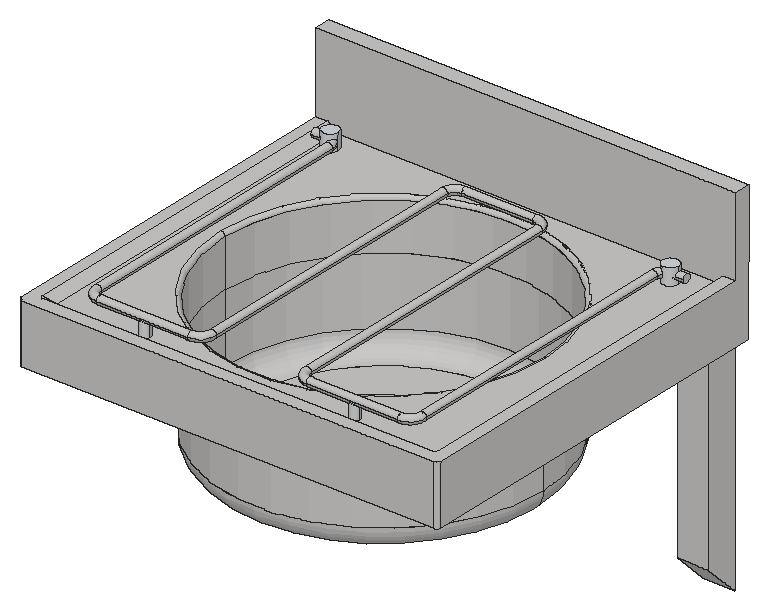
Revit family
Parameters (values of type "530 X 490 X 290")
  Waste Connection = 1 = 1  # yes
  Vent Connection = 1 = 0  # no
  Splashback Height = 100 mm
  HW Connection = 1 = 0  # no
  Finished Floor Height = 600 mm
  Waste Connection Radius = Waste Connection Diameter / 2  # 45 mm
  Waste Connection Diameter = 90 mm
  WFU = 0
  URL = "http://www.autospec.co.za/browse.php?id=1644179282"
  Product Code = "None"
  OmniClass Title = ""
  OmniClass Number = ""
  Modspec Classification = ""
  Specification = ""
  Location (revit room) = ""
  Material = Stainless Steel Grade 304
  Description = ""
  Width = 490 mm
  Model = "Drip Sink-KDSG"
  Manufacturer = "Kwikot"  # constant formula
  Length = 530 mm
  Depth = 290 mm
  Default Elevation = 0 mm
  Colour = none
  CWFU = 0
  CW Connection = 1 = 0  # no
  Bowl Radius = Bowl Diameter / 2  # 200 mm
  Bowl Diameter = 400 mm
  Body Finish = none
  Assembly Code = "D2010440"
Reference planes
  plane 1 "Center (Front/Back)": y = 0
  plane 2 "Floor Level": z = 0
  plane 3 "Center (Left/Right)": x = 0
  plane 4 "Left": x = -265
  plane 5 "Right": x = 265
  plane 6 "Front": y = -490
  plane 7 "Bottom": z = 235
  plane 8 "Bed": z = 600
  plane 9: y = -245
  plane 10: z = 410
  plane 11: z = 700
  plane 12: z = 525
  plane 13: z = 400
Forms (mm)
  Blend 1, solid, material "Stainless Steel Grade 304" <- "Material"
    base sketch origin (-1108.106, -1524, 600) x (-1, 0, 0) y (0, -1, 0)
      loop
        line (-848.106, -1034) -> (-1368.106, -1034)
        arc (-1368.106, -1034) -> (-1371.641, -1035.464) -> (-1373.106, -1039) r 5
        line (-1373.106, -1039) -> (-1373.106, -1524) -> (-843.106, -1524) -> (-843.106, -1039)
        arc (-843.106, -1039) -> (-844.57, -1035.464) -> (-848.106, -1034) r 5
    top sketch origin (-1108.106, -1524, 600) x (-1, 0, 0) y (0, -1, 0)
      loop
        line (-1373.106, -1524) -> (-843.106, -1524) -> (-843.106, -1039)
        arc (-843.106, -1039) -> (-844.57, -1035.464) -> (-848.106, -1034) r 5
        line (-848.106, -1034) -> (-1368.106, -1034)
        arc (-1368.106, -1034) -> (-1371.641, -1035.464) -> (-1373.106, -1039) r 5
        line (-1373.106, -1039) -> (-1373.106, -1524)
    from 0 to -75
  Extrusion 2, solid, material "Stainless Steel Grade 304"
    sketch origin (-265, -491, 4000) x (0, -1, 0) y (0, 0, 1)
      loop
        line (-491, -3475) -> (-491, -3765) -> (-451, -3725) -> (-451, -3475) -> (-491, -3475)
    from -17.5 to -57.5
  Extrusion 3, solid, material "Stainless Steel Grade 304"
    sketch origin (265, -491, 4000) x (0, -1, 0) y (0, 0, 1)
      loop
        line (-451, -3475) -> (-491, -3475) -> (-491, -3765) -> (-451, -3725) -> (-451, -3475)
    from 17.5 to 57.5
  Revolve 4, void
    sketch origin (1571.252, -245, 4000) x (1, 0, 0) y (0, 0, 1)
      loop
        line (-1571.252, -3400) -> (-1571.252, -3590) -> (-1371.252, -3590) -> (-1371.252, -3400) -> (-1571.252, -3400)
      axis (-1571.252, -3590) -> (-1571.252, -3400)
    angle from 0 to 360
  Extrusion 5, solid
    sketch origin (-1108.106, -1524, 600) x (-1, 0, 0) y (0, -1, 0)
      loop
        circle (-893.106, -1464) r 10
      loop
        circle (-1323.106, -1464) r 10
    from -10 to 20
  Sweep 6, solid, material "Stainless Steel Grade 304" <- "Material"
    path origin (-1108.106, -1524, 600) x (-1, 0, 0) y (0, -1, 0)
      loop
        line (-873.106, -1464) -> (-888.106, -1464)
        arc (-888.106, -1464) -> (-898.712, -1459.607) -> (-903.106, -1449) r 15
        line (-903.106, -1449) -> (-903.106, -1083.951)
        arc (-903.106, -1083.951) -> (-907.499, -1073.344) -> (-918.106, -1068.951) r 15
        line (-918.106, -1068.951) -> (-1033.219, -1068.951)
        arc (-1033.219, -1068.951) -> (-1043.826, -1073.344) -> (-1048.219, -1083.951) r 15
        line (-1048.219, -1083.951) -> (-1048.219, -1449.045)
        arc (-1048.219, -1449.045) -> (-1052.599, -1459.62) -> (-1063.174, -1464) r 14.955
        line (-1063.174, -1464) -> (-1153.038, -1464)
        arc (-1153.038, -1464) -> (-1163.612, -1459.62) -> (-1167.992, -1449.045) r 14.955
        line (-1167.992, -1449.045) -> (-1167.992, -1083.951)
        arc (-1167.992, -1083.951) -> (-1172.386, -1073.344) -> (-1182.992, -1068.951) r 15
        line (-1182.992, -1068.951) -> (-1298.236, -1068.951)
        arc (-1298.236, -1068.951) -> (-1308.842, -1073.344) -> (-1313.236, -1083.951) r 15
        line (-1313.236, -1083.951) -> (-1313.236, -1449)
        arc (-1313.236, -1449) -> (-1317.629, -1459.607) -> (-1328.236, -1464) r 15
        line (-1328.236, -1464) -> (-1343.106, -1464)
    profile origin (-205, -257.525, 600) x (1, 0, 0) y (0, 0, 1)
      loop
        circle (0, 10) r 5
  Extrusion 7, solid, material "Stainless Steel Grade 304" <- "Material"
    sketch origin (-505.915, -1524, 525) x (-1, 0, 0) y (0, -1, 0)
      loop
        line (-240.915, -1524) -> (-240.915, -1504) -> (-770.915, -1504) -> (-770.915, -1524) -> (-240.915, -1524)
    from 0 to 175
  Blend 8, void
    base sketch origin (-1108.106, -1524, 600) x (0, -1, 0) y (1, 0, 0)
      loop
        line (-1504, 858.106) -> (-1054, 858.106)
        arc (-1054, 858.106) -> (-1050.464, 859.57) -> (-1049, 863.106) r 5
        line (-1049, 863.106) -> (-1049, 1353.106)
        arc (-1049, 1353.106) -> (-1050.464, 1356.641) -> (-1054, 1358.106) r 5
        line (-1054, 1358.106) -> (-1504, 1358.106) -> (-1504, 858.106)
    top sketch origin (-1108.106, -1524, 600) x (0, -1, 0) y (1, 0, 0)
      loop
        line (-1504, 868.106) -> (-1064, 868.106)
        arc (-1064, 868.106) -> (-1060.464, 869.57) -> (-1059, 873.106) r 5
        line (-1059, 873.106) -> (-1059, 1343.106)
        arc (-1059, 1343.106) -> (-1060.464, 1346.641) -> (-1064, 1348.106) r 5
        line (-1064, 1348.106) -> (-1504, 1348.106) -> (-1504, 868.106)
    from 0 to -10
  Sweep 9, solid, material "Stainless Steel Grade 304" <- "Material"
    path origin (-505.915, -1524, 525) x (-1, 0, 0) y (0, -1, 0)
      loop
        circle (-505.915, -1279) r 200
    profile origin (0, -45, 525) x (0, -1, 0) y (0, 0, 1)
      loop
        line (0, 0) -> (-3, 0) -> (-3, -85)
        arc (-3, -85) -> (5.787, -106.213) -> (27, -115) r 30
        line (27, -115) -> (27, -112)
        arc (27, -112) -> (7.908, -104.092) -> (0, -85) r 27
        line (0, -85) -> (0, 0)
  Extrusion 10, solid, material "Stainless Steel Grade 304" <- "Material"
    sketch origin (-1279.787, -1524, 410) x (-1, 0, 0) y (0, -1, 0)
      loop
        circle (-1279.787, -1279) r 173
      loop
        circle (-1279.787, -1279) r 45
    from 0 to 3
  Extrusion 11, solid, material "Stainless Steel Grade 304" <- "Material"
    sketch origin (-1279.787, -1524, 410) x (-1, 0, 0) y (0, -1, 0)
      loop
        circle (-1279.787, -1279) r 45
      loop
        circle (-1279.787, -1279) r 48
    from 0 to -10
  Extrusion 12, solid
    sketch origin (-1108.106, -1524, 600) x (-1, 0, 0) y (0, -1, 0)
      loop
        circle (-975.606, -1069) r 6
      loop
        circle (-1240.606, -1069) r 6
    from -10 to 10
  Sweep 13, void
    path origin (-1108.106, -1524, 600) x (-1, 0, 0) y (0, -1, 0)
      loop
        circle (-1108.106, -1279) r 200
    profile origin (0, -45, 600) x (0, -1, 0) y (0, 0, 1)
      loop
        line (0, -10) -> (-5, -10)
        arc (-5, -10) -> (-1.464, -11.464) -> (0, -15) r 5
        line (0, -15) -> (0, -10)
Cuts and joins
  Revolve 4, Blend 8, Sweep 13 cuts Blend 1
  Blend 8, Sweep 13 cuts Extrusion 7
  Sweep 13 cuts Sweep 9
  Sweep 13 cuts Extrusion 10
  Sweep 13 cuts Extrusion 11
  joined: Blend 1, Extrusion 7, Sweep 9, Extrusion 10, Extrusion 11
  Blend 8 cuts Extrusion 5
Lines and regions (mm)
  symbolic lines
    curve 1: line (-260, -490, 600) -> (260, -490, 600)
    curve 2: arc (-260, -490, 600) -> (-263.536, -488.536, 600) -> (-265, -485, 600) r 5
    curve 3: arc (265, -485, 600) -> (263.536, -488.536, 600) -> (260, -490, 600) r 5
    curve 4: line (265, -485, 600) -> (265, 0, 600)
    curve 5: line (-265, 0, 600) -> (-265, -485, 600)
    curve 6: line (265, 0, 600) -> (-265, 0, 600)
    curve 7: arc (-225, -60, 600) -> (-215, -70, 600) -> (-205, -60, 600) r 10
    curve 8: arc (-205, -60, 600) -> (-215, -50, 600) -> (-225, -60, 600) r 10
    curve 9: arc (205, -60, 600) -> (215, -70, 600) -> (225, -60, 600) r 10
    curve 10: arc (225, -60, 600) -> (215, -50, 600) -> (205, -60, 600) r 10
    curve 11: line (-265, -20, 600) -> (265, -20, 600)
    curve 12: line (-250, -470, 600) -> (-250, -20, 600)
    curve 13: arc (-245, -475, 600) -> (-248.536, -473.536, 600) -> (-250, -470, 600) r 5
    curve 14: line (245, -475, 600) -> (-245, -475, 600)
    curve 15: line (-240, -20, 600) -> (-240, -460, 600)
    curve 16: arc (-240, -460, 600) -> (-238.536, -463.536, 600) -> (-235, -465, 600) r 5
    curve 17: line (-235, -465, 600) -> (235, -465, 600)
    curve 18: arc (235, -465, 600) -> (238.536, -463.536, 600) -> (240, -460, 600) r 5
    curve 19: line (240, -460, 600) -> (240, -20, 600)
    curve 20: arc (250, -470, 600) -> (248.536, -473.536, 600) -> (245, -475, 600) r 5
    curve 21: line (250, -20, 600) -> (250, -470, 600)
    curve 22: arc (126.5, -455, 600) -> (132.5, -461, 600) -> (138.5, -455, 600) r 6
    curve 23: arc (138.5, -455, 600) -> (132.5, -449, 600) -> (126.5, -455, 600) r 6
    curve 26: arc (200, -245, 600) -> (0, -45, 600) -> (-200, -245, 600) r 200
    curve 27: arc (-200, -245, 600) -> (0, -445, 600) -> (200, -245, 600) r 200
    curve 28: line (235, -65, 600) -> (235, -55, 600)
    curve 29: line (-235, -65, 600) -> (-235, -55, 600)
    curve 30: line (235, -55, 600) -> (220, -55, 600)
    curve 31: line (200, -75, 600) -> (200, -440, 600)
    curve 32: line (190, -450, 600) -> (75, -450, 600)
    curve 33: line (65, -440, 600) -> (65, -75, 600)
    curve 34: line (45, -55, 600) -> (-45, -55, 600)
    curve 35: line (-65, -75, 600) -> (-65, -440, 600)
    curve 36: line (-200, -440, 600) -> (-200, -75, 600)
    curve 37: line (-220, -55, 600) -> (-235, -55, 600)
    curve 38: line (235, -65, 600) -> (220, -65, 600)
    curve 39: line (210, -75, 600) -> (210, -440, 600)
    curve 40: line (190, -460, 600) -> (75, -460, 600)
    curve 41: line (55, -440, 600) -> (55, -75, 600)
    curve 42: line (45, -65, 600) -> (-45, -65, 600)
    curve 43: line (-55, -75, 600) -> (-55, -440, 600)
    curve 44: line (-210, -440, 600) -> (-210, -75, 600)
    curve 45: line (-220, -65, 600) -> (-235, -65, 600)
    curve 46: arc (-200, -75, 600) -> (-205.858, -60.858, 600) -> (-220, -55, 600) r 20
    curve 47: arc (-65, -75, 600) -> (-59.142, -60.858, 600) -> (-45, -55, 600) r 20
    curve 48: arc (65, -75, 600) -> (59.142, -60.858, 600) -> (45, -55, 600) r 20
    curve 49: arc (200, -75, 600) -> (205.858, -60.858, 600) -> (220, -55, 600) r 20
    curve 50: arc (190, -460, 600) -> (204.142, -454.142, 600) -> (210, -440, 600) r 20
    curve 51: arc (75, -460, 600) -> (60.858, -454.142, 600) -> (55, -440, 600) r 20
    curve 52: arc (75, -450, 600) -> (67.929, -447.071, 600) -> (65, -440, 600) r 10
    curve 53: arc (190, -450, 600) -> (197.071, -447.071, 600) -> (200, -440, 600) r 10
    curve 54: arc (210, -75, 600) -> (212.929, -67.929, 600) -> (220, -65, 600) r 10
    curve 55: arc (55, -75, 600) -> (52.071, -67.929, 600) -> (45, -65, 600) r 10
    curve 56: arc (-55, -75, 600) -> (-52.071, -67.929, 600) -> (-45, -65, 600) r 10
    curve 57: arc (-210, -75, 600) -> (-212.929, -67.929, 600) -> (-220, -65, 600) r 10
    curve 58: line (-75, -460, 600) -> (-190, -460, 600)
    curve 59: line (-75, -450, 600) -> (-190, -450, 600)
    curve 60: arc (-190, -450, 600) -> (-197.071, -447.071, 600) -> (-200, -440, 600) r 10
    curve 61: arc (-75, -450, 600) -> (-67.929, -447.071, 600) -> (-65, -440, 600) r 10
    curve 62: arc (-190, -460, 600) -> (-204.142, -454.142, 600) -> (-210, -440, 600) r 20
    curve 63: arc (-75, -460, 600) -> (-60.858, -454.142, 600) -> (-55, -440, 600) r 20
  symbolic lines, detail levels fine
    curve 24: arc (-45, -245, 600) -> (0, -200, 600) -> (45, -245, 600) r 45
    curve 25: arc (45, -245, 600) -> (0, -290, 600) -> (-45, -245, 600) r 45
Dimensions and locks
  equal spacing: plane 4 "Left", plane 3 "Center (Left/Right)", plane 5 "Right"
  "Length": plane 4 "Left" to plane 5 "Right"
  "Width": plane 1 "Center (Front/Back)" to plane 6 "Front"
  "Finished Floor Height": plane 8 "Bed" to plane 2 "Floor Level"
  "Splashback Height": plane 11 to plane 8 "Bed"
  equal spacing: plane 1 "Center (Front/Back)", plane 9, plane 6 "Front"
  plane 8 "Bed" to plane 12 = 75 mm
  Extrusion 5 sketch curve to plane 1 "Center (Front/Back)" = 60 mm  (x2)
  Sweep 6 sketch curve to plane 1 "Center (Front/Back)" = 60 mm
  equal spacing: Sweep 6 sketch curve, plane 3 "Center (Left/Right)", Sweep 6 sketch curve
  Sweep 6 sketch curve to plane 8 "Bed" = 10 mm
  Sweep 6 sketch curve to plane 6 "Front" = 34.951 mm  (x2)
  locked: Sweep 6 sketch curve to Sweep 6 sketch curve at 119.773
  "Bowl Radius": Revolve 4 sketch curve to plane 3 "Center (Left/Right)"
  plane 11 to plane 7 "Bottom" = 465 mm
  "Depth": plane 11 to plane 10
  plane 8 "Bed" to plane 13 = 200 mm
  Sweep 6 sketch curve to Sweep 6 sketch curve = 145.243 mm
  Sweep 6 sketch curve to Sweep 6 sketch curve = 145.113 mm
  Extrusion 12 sketch curve to plane 6 "Front" = 35 mm  (x2)
  equal spacing: Extrusion 12 sketch curve, plane 3 "Center (Left/Right)", Extrusion 12 sketch curve
  Sweep 6 to Extrusion 12 sketch curve = 102.5 mm
  Sweep 6 to Extrusion 5 sketch curve = 20 mm
  Extrusion 5 sketch curve to Sweep 6 = 20 mm
  "Waste Connection Radius": radius of Extrusion 10 sketch curve
  radius of Sweep 6 sketch curve = 5 mm
  aligned and locked: level to plane 2 "Floor Level"
  aligned and locked: Blend 1 sketch curve to plane 6 "Front"
  aligned and locked: plane 4 "Left" to Blend 1 sketch curve
  aligned and locked: Blend 1 sketch curve to plane 1 "Center (Front/Back)"
  aligned and locked: Blend 1 sketch curve to plane 5 "Right"
  aligned and locked: Blend 1 to plane 12
  aligned and locked: plane 8 "Bed" to Blend 1
  aligned and locked: Blend 1 sketch curve to var sketch  (x4)
  aligned and locked: Extrusion 2 sketch curve to Blend 1  (x2)
  aligned and locked: plane 7 "Bottom" to Extrusion 2 sketch curve
  aligned and locked: Extrusion 3 sketch curve to Extrusion 2  (x4)
  aligned and locked: Revolve 4 sketch curve to Blend 1
  aligned and locked: plane 3 "Center (Left/Right)" to Revolve 4 sketch curve  (x2)
  aligned and locked: plane 10 to Revolve 4 sketch curve
  aligned and locked: Sweep 6 sketch curve to Sweep 6 sketch curve  (x3)
  aligned and locked: profile plane to Sweep 6 sketch curve
  aligned and locked: curve 1 to cut or joined group of Blend 1, Revolve 4, Extrusion 7, Blend 8, Sweep 9, Extrusion 10, Extrusion 11, Sweep 13
  aligned and locked: curve 2 to cut or joined group of Blend 1, Revolve 4, Extrusion 7, Blend 8, Sweep 9, Extrusion 10, Extrusion 11, Sweep 13
  aligned and locked: curve 3 to cut or joined group of Blend 1, Revolve 4, Extrusion 7, Blend 8, Sweep 9, Extrusion 10, Extrusion 11, Sweep 13
  aligned and locked: curve 5 to cut or joined group of Blend 1, Revolve 4, Extrusion 7, Blend 8, Sweep 9, Extrusion 10, Extrusion 11, Sweep 13
  aligned and locked: curve 6 to cut or joined group of Blend 1, Revolve 4, Extrusion 7, Blend 8, Sweep 9, Extrusion 10, Extrusion 11, Sweep 13
  aligned and locked: curve 7 to Extrusion 5
  aligned and locked: curve 8 to Extrusion 5
  aligned and locked: curve 9 to Extrusion 5
  aligned and locked: curve 10 to Extrusion 5
  aligned and locked: Extrusion 7 sketch curve to cut or joined group of Blend 1, Revolve 4, Extrusion 7, Blend 8, Sweep 9, Extrusion 10, Extrusion 11, Sweep 13
  aligned and locked: plane 5 "Right" to Extrusion 7 sketch curve
  aligned and locked: plane 1 "Center (Front/Back)" to Extrusion 7 sketch curve
  aligned and locked: plane 11 to Extrusion 7
  aligned and locked: Extrusion 7 to plane 12
  aligned and locked: Blend 8 sketch curve to cut or joined group of Blend 1, Revolve 4, Extrusion 7, Blend 8, Sweep 9, Extrusion 10, Extrusion 11, Sweep 13
  aligned and locked: Sweep 9 sketch curve to cut or joined group of Blend 1, Revolve 4, Extrusion 7, Blend 8, Sweep 9, Extrusion 10, Extrusion 11, Sweep 13  (x2)
  aligned and locked: Sweep 9 sketch curve to profile plane
  aligned and locked: plane 10 to Sweep 9 sketch curve
  aligned and locked: Extrusion 10 sketch curve to Sweep 9  (x2)
  aligned and locked: plane 9 to Extrusion 10 sketch curve
  aligned and locked: plane 3 "Center (Left/Right)" to Extrusion 10 sketch curve
  aligned and locked: Extrusion 10 to Sweep 9
  aligned and locked: Extrusion 10 to plane 10
  aligned and locked: Extrusion 11 sketch curve to cut or joined group of Blend 1, Revolve 4, Extrusion 7, Blend 8, Sweep 9, Extrusion 10, Extrusion 11, Sweep 13  (x2)
  aligned and locked: Extrusion 11 to plane 13
  aligned and locked: plane 10 to Extrusion 11
  aligned and locked: curve 11 to cut or joined group of Blend 1, Revolve 4, Extrusion 7, Blend 8, Sweep 9, Extrusion 10, Extrusion 11, Sweep 13
  aligned and locked: curve 13 to cut or joined group of Blend 1, Revolve 4, Extrusion 7, Blend 8, Sweep 9, Extrusion 10, Extrusion 11, Sweep 13
  aligned and locked: curve 15 to cut or joined group of Blend 1, Revolve 4, Extrusion 7, Blend 8, Sweep 9, Extrusion 10, Extrusion 11, Sweep 13
  aligned and locked: curve 16 to cut or joined group of Blend 1, Revolve 4, Extrusion 7, Blend 8, Sweep 9, Extrusion 10, Extrusion 11, Sweep 13
  aligned and locked: curve 18 to cut or joined group of Blend 1, Revolve 4, Extrusion 7, Blend 8, Sweep 9, Extrusion 10, Extrusion 11, Sweep 13
  aligned and locked: curve 20 to cut or joined group of Blend 1, Revolve 4, Extrusion 7, Blend 8, Sweep 9, Extrusion 10, Extrusion 11, Sweep 13
  aligned and locked: curve 21 to cut or joined group of Blend 1, Revolve 4, Extrusion 7, Blend 8, Sweep 9, Extrusion 10, Extrusion 11, Sweep 13
  aligned and locked: curve 22 to Extrusion 12
  aligned and locked: curve 23 to Extrusion 12
  aligned and locked: curve 24 to cut or joined group of Blend 1, Revolve 4, Extrusion 7, Blend 8, Sweep 9, Extrusion 10, Extrusion 11, Sweep 13
  aligned and locked: curve 25 to cut or joined group of Blend 1, Revolve 4, Extrusion 7, Blend 8, Sweep 9, Extrusion 10, Extrusion 11, Sweep 13
  aligned and locked: curve 26 to cut or joined group of Blend 1, Revolve 4, Extrusion 7, Blend 8, Sweep 9, Extrusion 10, Extrusion 11, Sweep 13
  aligned and locked: curve 27 to cut or joined group of Blend 1, Revolve 4, Extrusion 7, Blend 8, Sweep 9, Extrusion 10, Extrusion 11, Sweep 13
  aligned and locked: curve 28 to Sweep 6
  aligned and locked: curve 29 to Sweep 6
  aligned and locked: Sweep 13 sketch curve to cut or joined group of Blend 1, Revolve 4, Extrusion 7, Blend 8, Sweep 9, Extrusion 10, Extrusion 11, Sweep 13  (x2)
  aligned and locked: profile plane to Sweep 13 sketch curve
  aligned and locked: cut or joined group of Blend 1, Revolve 4, Extrusion 7, Blend 8, Sweep 9, Extrusion 10, Extrusion 11, Sweep 13 to Sweep 13 sketch curve
Automatic sketch dimensions
  plane 5 "Right" to Blend 1 sketch curve = 5 mm
  Blend 1 sketch curve to plane 4 "Left" = 5 mm
  plane 7 "Bottom" to Extrusion 2 sketch curve = 40 mm
  plane 1 "Center (Front/Back)" to Extrusion 2 sketch curve = 40 mm
  plane 7 "Bottom" to Revolve 4 sketch curve = 40 mm
  plane 8 "Bed" to Revolve 4 sketch curve = 45 mm
  plane 1 "Center (Front/Back)" to Extrusion 7 sketch curve = 20 mm
  plane 6 "Front" to Blend 8 sketch curve = 20 mm  (x2)
  Blend 8 sketch curve to Blend 8 sketch curve = 5 mm  (x2)
  Blend 8 sketch curve to plane 4 "Left" = 15 mm
  plane 5 "Right" to Blend 8 sketch curve = 15 mm
  plane 1 "Center (Front/Back)" to Blend 8 sketch curve = 20 mm
  plane 6 "Front" to Blend 8 sketch curve = 30 mm  (x2)
  Blend 8 sketch curve to plane 4 "Left" = 25 mm
  plane 5 "Right" to Blend 8 sketch curve = 25 mm
  Sweep 9 sketch curve to Sweep 9 sketch curve = 0 mm
  Sweep 9 sketch curve to plane 12 = 0 mm
  Sweep 9 sketch curve to Sweep 9 sketch curve = 3 mm
  Sweep 9 sketch curve to profile plane = 27 mm
  Extrusion 11 sketch curve to Extrusion 11 sketch curve = 0 mm  (x2)
  Extrusion 11 sketch curve to Extrusion 11 sketch curve = 3 mm
  Sweep 6 sketch curve to Sweep 6 sketch curve = 14.87 mm
  Sweep 6 sketch curve to Sweep 6 sketch curve = 15 mm  (x7)
  Sweep 6 sketch curve to Sweep 6 sketch curve = 14.955 mm  (x2)
  curve 46 to curve 57 = 0 mm  (x2)
  curve 47 to curve 56 = 0 mm  (x2)
  curve 48 to curve 55 = 0 mm  (x2)
  curve 49 to curve 54 = 0 mm  (x2)
  curve 50 to curve 53 = 0 mm  (x2)
  curve 51 to curve 52 = 0 mm  (x2)
  curve 60 to curve 62 = 0 mm  (x2)
  curve 61 to curve 63 = 0 mm  (x2)
  curve 38 to curve 9 = 5 mm
  curve 50 to curve 22 = 71.5 mm
  curve 50 to curve 31 = 10 mm
  curve 31 to curve 50 = 10 mm
  curve 22 to curve 52 = 51.5 mm
  plane 3 "Center (Left/Right)" to curve 33 = 65 mm
  curve 55 to curve 42 = 10 mm
  curve 34 to plane 3 "Center (Left/Right)" = 45 mm
  curve 47 to curve 56 = 10 mm
  curve 61 to curve 63 = 10 mm
  plane 6 "Front" to curve 62 = 50 mm
  curve 63 to curve 62 = 115 mm
  curve 36 to curve 7 = 5 mm
  curve 37 to curve 7 = 5 mm
  curve 2 to plane 4 "Left" = 5 mm
  plane 1 "Center (Front/Back)" to curve 19 = 20 mm
  curve 29 to curve 7 = 5 mm
  curve 28 to curve 9 = 5 mm
  plane 1 "Center (Front/Back)" to curve 34 = 55 mm
  plane 6 "Front" to curve 31 = 50 mm
  profile plane to Sweep 13 sketch curve = 5 mm
  Sweep 13 sketch curve to Sweep 13 sketch curve = 5 mm  (x2)
  Sweep 13 sketch curve to Sweep 13 sketch curve = 0 mm
  Sweep 13 sketch curve to profile plane = 0 mm
  radius of Extrusion 5 sketch curve = 10 mm  (x2)
  radius of Extrusion 12 sketch curve = 6 mm  (x2)
Connectors
  piping at (0, -245, 400), driven by "Waste Connection Radius", driven by "WFU"
    settings: on cut or joined group of Blend 1, Revolve 4, Extrusion 7, Blend 8, Sweep 9, Extrusion 10, Extrusion 11, Sweep 13, index 1, connector radius 45 mm, flow factor 0, pipe flow 0.0 L/s, pressure drop 0.0 Pa, fitting loss kfactor 0, connector angle 0.00°, fixture units 0, flow configuration 3, flow direction 2, fitting loss method 0, system type 16, connector reference index -1, connector utility 0, adjustable connector no, is connector primary yes, fitting loss table "", connector description "Waste Connection"
